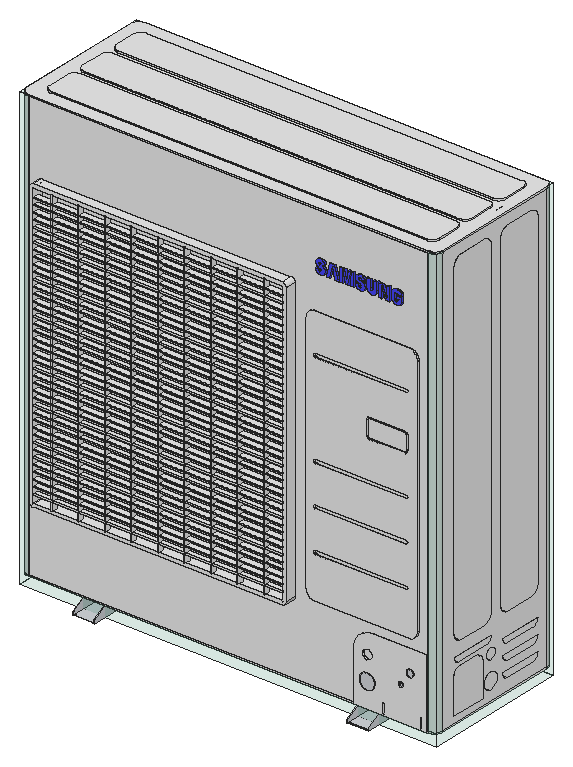
Revit family "EU_SINGLE_ODU_UB1_Ver.1.1", category Mechanical Equipment, Revit 2016 (continued)
Definition of nested family "Fan Grill_Square"
  Forms (mm)
    Extrusion 2, solid
      sketch origin (0, 0, 0) x (1, 0, 0) y (0, 1, 0)
        loop
          line (-289.939, 318.205) -> (-289.939, -318.205)
          arc (-289.939, -318.205) -> (-287.393, -324.352) -> (-281.246, -326.898) r 8.693
          line (-281.246, -326.898) -> (281.25, -326.898)
          arc (281.25, -326.898) -> (287.33, -324.418) -> (289.941, -318.393) r 8.693
          line (289.941, -318.393) -> (289.941, 318.393)
          arc (289.941, 318.393) -> (287.33, 324.418) -> (281.25, 326.898) r 8.693
          line (281.25, 326.898) -> (-281.246, 326.898)
          arc (-281.246, 326.898) -> (-287.393, 324.352) -> (-289.939, 318.205) r 8.693
        loop
          line (281.25, 319.498) -> (-281.246, 319.498)
          arc (-281.246, 319.498) -> (-282.16, 319.119) -> (-282.539, 318.205) r 1.294
          line (-282.539, 318.205) -> (-282.541, -318.205)
          arc (-282.541, -318.205) -> (-282.16, -319.119) -> (-281.245, -319.498) r 1.294
          line (-281.245, -319.498) -> (281.251, -319.498)
          arc (281.251, -319.498) -> (282.139, -319.144) -> (282.541, -318.277) r 1.294
          line (282.541, -318.277) -> (282.541, 318.277)
          arc (282.541, 318.277) -> (282.138, 319.145) -> (281.25, 319.498) r 1.294
      from 0 to 24
  Dimensions and locks
    locked: Extrusion 2 sketch curve to Extrusion 2 sketch curve at 7.4  (x4)
    equal spacing: plane 4, plane 3 "Center (Left/Right)", plane 5
    "Width": plane 4 to plane 5
    equal spacing: plane 6, plane 1 "Center (Front/Back)", plane 7
    "Height": plane 6 to plane 7
    "Depth": plane 8 to level
    nested 3 to plane 1 "Center (Front/Back)" to nested 2 = 15.00 mm locked, 15.00 mm locked
    equal spacing: group 1, group 2, group 5, group 6, group 7, group 8, group 9, group 10, group 11, group 12, group 13, group 14, group 15, group 16, group 17, group 18, group 19, group 20, group 21, group 22  (x3)
    equal spacing: group 3, group 4, group 23, group 24, group 25, group 26, group 27, group 28, group 29, group 30, group 31, group 32, group 33, group 34, group 35, group 36, group 37, group 38, group 39, group 40  (x2)
    equal spacing: group 40, group 39, group 38, group 37, group 36, group 35, group 34, group 33, group 32, group 31, group 30, group 29, group 28, group 27, group 26, group 25, group 24, group 23, group 4, group 3
    nested 43 to plane 3 "Center (Left/Right)" to nested 44 = 60.00 mm, 60.00 mm
    equal spacing: group 44, group 43, group 42, group 41
    equal spacing: group 41, group 42, group 43, group 44  (x2)
    equal spacing: group 45, group 46, group 47, group 48  (x3)
    aligned and locked: plane 2 to Extrusion 1
    aligned and locked: level to Extrusion 1
    aligned and locked: plane 7 to Extrusion 2 sketch curve
    aligned and locked: plane 5 to Extrusion 2 sketch curve
    aligned and locked: plane 6 to Extrusion 2 sketch curve
    aligned and locked: plane 4 to Extrusion 2 sketch curve
    aligned and locked: plane 8 to Extrusion 2
    aligned and locked: plane 8 to nested 1
    aligned and locked: plane 1 "Center (Front/Back)" to nested 1
    aligned and locked: plane 3 "Center (Left/Right)" to nested 3
    aligned and locked: plane 3 "Center (Left/Right)" to nested 1
    aligned and locked: plane 3 "Center (Left/Right)" to nested 2
    aligned and locked: plane 3 "Center (Left/Right)" to nested 4
    aligned and locked: nested 42 to plane 1 "Center (Front/Back)"
    aligned and locked: nested 43 to plane 1 "Center (Front/Back)"
    aligned and locked: nested 44 to plane 1 "Center (Front/Back)"
  Automatic sketch dimensions
    Extrusion 1 sketch curve to Extrusion 1 sketch curve = 2438.40 mm  (x2)
    Extrusion 2 sketch curve to Extrusion 2 sketch curve = 0.00 mm  (x14)
    Extrusion 2 sketch curve to Extrusion 2 sketch curve = 0.001 mm  (x2)
    Extrusion 2 sketch curve to plane 5 = 0.00 mm
    Extrusion 2 sketch curve to Extrusion 2 sketch curve = 1.296 mm
    Extrusion 2 sketch curve to Extrusion 2 sketch curve = 1.292 mm  (x2)
    plane 7 to Extrusion 2 sketch curve = 8.505 mm
    Extrusion 2 sketch curve to Extrusion 2 sketch curve = 1.294 mm  (x2)
    Extrusion 2 sketch curve to Extrusion 2 sketch curve = 0.003 mm
    Extrusion 2 sketch curve to Extrusion 2 sketch curve = 1.293 mm
  Nested families
    nested 1: "Grill_Straight" at (0, 0, 12), L <- "Grill Length_Width", type "Grill_Straight"
      with L 565.082 mm, D 12.00 mm
    nested 2: "Grill_Straight" at (0, 15, 12), L <- "Grill Length_Width", type "Grill_Straight"
      with L 565.082 mm, D 12.00 mm
    nested 3: "Grill_Straight" at (0, -15, 12), L <- "Grill Length_Width", type "Grill_Straight"
      with L 565.082 mm, D 12.00 mm
    nested 4: "Grill_Straight" at (0, 30, 12), L <- "Grill Length_Width", type "Grill_Straight"
      with L 565.082 mm, D 12.00 mm
    nested 5: "Grill_Straight" at (0, -30, 12), L <- "Grill Length_Width", type "Grill_Straight"
      with L 565.082 mm, D 12.00 mm
    nested 6: "Grill_Straight" at (0, 45, 12), L <- "Grill Length_Width", type "Grill_Straight"
      with L 565.082 mm, D 12.00 mm
    nested 7: "Grill_Straight" at (0, 60, 12), L <- "Grill Length_Width", type "Grill_Straight"
      with L 565.082 mm, D 12.00 mm
    nested 8: "Grill_Straight" at (0, 75, 12), L <- "Grill Length_Width", type "Grill_Straight"
      with L 565.082 mm, D 12.00 mm
    nested 9: "Grill_Straight" at (0, 90, 12), L <- "Grill Length_Width", type "Grill_Straight"
      with L 565.082 mm, D 12.00 mm
    nested 10: "Grill_Straight" at (0, 105, 12), L <- "Grill Length_Width", type "Grill_Straight"
      with L 565.082 mm, D 12.00 mm
    nested 11: "Grill_Straight" at (0, 120, 12), L <- "Grill Length_Width", type "Grill_Straight"
      with L 565.082 mm, D 12.00 mm
    nested 12: "Grill_Straight" at (0, 135, 12), L <- "Grill Length_Width", type "Grill_Straight"
      with L 565.082 mm, D 12.00 mm
    nested 13: "Grill_Straight" at (0, 150, 12), L <- "Grill Length_Width", type "Grill_Straight"
      with L 565.082 mm, D 12.00 mm
    nested 14: "Grill_Straight" at (0, 165, 12), L <- "Grill Length_Width", type "Grill_Straight"
      with L 565.082 mm, D 12.00 mm
    nested 15: "Grill_Straight" at (0, 180, 12), L <- "Grill Length_Width", type "Grill_Straight"
      with L 565.082 mm, D 12.00 mm
    nested 16: "Grill_Straight" at (0, 195, 12), L <- "Grill Length_Width", type "Grill_Straight"
      with L 565.082 mm, D 12.00 mm
    nested 17: "Grill_Straight" at (0, 210, 12), L <- "Grill Length_Width", type "Grill_Straight"
      with L 565.082 mm, D 12.00 mm
    nested 18: "Grill_Straight" at (0, 225, 12), L <- "Grill Length_Width", type "Grill_Straight"
      with L 565.082 mm, D 12.00 mm
    nested 19: "Grill_Straight" at (0, 240, 12), L <- "Grill Length_Width", type "Grill_Straight"
      with L 565.082 mm, D 12.00 mm
    nested 20: "Grill_Straight" at (0, 255, 12), L <- "Grill Length_Width", type "Grill_Straight"
      with L 565.082 mm, D 12.00 mm
    nested 21: "Grill_Straight" at (0, 270, 12), L <- "Grill Length_Width", type "Grill_Straight"
      with L 565.082 mm, D 12.00 mm
    nested 22: "Grill_Straight" at (0, 285, 12), L <- "Grill Length_Width", type "Grill_Straight"
      with L 565.082 mm, D 12.00 mm
    nested 23: "Grill_Straight" at (0, 300, 12), L <- "Grill Length_Width", type "Grill_Straight"
      with L 565.082 mm, D 12.00 mm
    nested 24: "Grill_Straight" at (0, -45, 12), L <- "Grill Length_Width", type "Grill_Straight"
      with L 565.082 mm, D 12.00 mm
    nested 25: "Grill_Straight" at (0, -60, 12), L <- "Grill Length_Width", type "Grill_Straight"
      with L 565.082 mm, D 12.00 mm
    nested 26: "Grill_Straight" at (0, -75, 12), L <- "Grill Length_Width", type "Grill_Straight"
      with L 565.082 mm, D 12.00 mm
    nested 27: "Grill_Straight" at (0, -90, 12), L <- "Grill Length_Width", type "Grill_Straight"
      with L 565.082 mm, D 12.00 mm
    nested 28: "Grill_Straight" at (0, -105, 12), L <- "Grill Length_Width", type "Grill_Straight"
      with L 565.082 mm, D 12.00 mm
    nested 29: "Grill_Straight" at (0, -120, 12), L <- "Grill Length_Width", type "Grill_Straight"
      with L 565.082 mm, D 12.00 mm
    nested 30: "Grill_Straight" at (0, -135, 12), L <- "Grill Length_Width", type "Grill_Straight"
      with L 565.082 mm, D 12.00 mm
    nested 31: "Grill_Straight" at (0, -150, 12), L <- "Grill Length_Width", type "Grill_Straight"
      with L 565.082 mm, D 12.00 mm
    nested 32: "Grill_Straight" at (0, -165, 12), L <- "Grill Length_Width", type "Grill_Straight"
      with L 565.082 mm, D 12.00 mm
    nested 33: "Grill_Straight" at (0, -180, 12), L <- "Grill Length_Width", type "Grill_Straight"
      with L 565.082 mm, D 12.00 mm
    nested 34: "Grill_Straight" at (0, -195, 12), L <- "Grill Length_Width", type "Grill_Straight"
      with L 565.082 mm, D 12.00 mm
    nested 35: "Grill_Straight" at (0, -210, 12), L <- "Grill Length_Width", type "Grill_Straight"
      with L 565.082 mm, D 12.00 mm
    nested 36: "Grill_Straight" at (0, -225, 12), L <- "Grill Length_Width", type "Grill_Straight"
      with L 565.082 mm, D 12.00 mm
    nested 37: "Grill_Straight" at (0, -240, 12), L <- "Grill Length_Width", type "Grill_Straight"
      with L 565.082 mm, D 12.00 mm
    nested 38: "Grill_Straight" at (0, -255, 12), L <- "Grill Length_Width", type "Grill_Straight"
      with L 565.082 mm, D 12.00 mm
    nested 39: "Grill_Straight" at (0, -270, 12), L <- "Grill Length_Width", type "Grill_Straight"
      with L 565.082 mm, D 12.00 mm
    nested 40: "Grill_Straight" at (0, -285, 12), L <- "Grill Length_Width", type "Grill_Straight"
      with L 565.082 mm, D 12.00 mm
    nested 41: "Grill_Straight" at (0, -300, 12), L <- "Grill Length_Width", type "Grill_Straight"
      with L 565.082 mm, D 12.00 mm
    nested 42: "Grill_Straight" at (0, 0, 12) x (0, 1, 0) z (0, 0, 1), L <- "Grill Length_Height", type "Grill_Straight"
      with L 638.996 mm, D 12.00 mm
    nested 43: "Grill_Straight" at (-60, 0, 12) x (0, 1, 0) z (0, 0, 1), L <- "Grill Length_Height", type "Grill_Straight"
      with L 638.996 mm, D 12.00 mm
    nested 44: "Grill_Straight" at (60, 0, 12) x (0, 1, 0) z (0, 0, 1), L <- "Grill Length_Height", type "Grill_Straight"
      with L 638.996 mm, D 12.00 mm
    nested 45: "Grill_Straight" at (-120, 0, 12) x (0, 1, 0) z (0, 0, 1), L <- "Grill Length_Height", type "Grill_Straight"
      with L 638.996 mm, D 12.00 mm
    nested 46: "Grill_Straight" at (-180, 0, 12) x (0, 1, 0) z (0, 0, 1), L <- "Grill Length_Height", type "Grill_Straight"
      with L 638.996 mm, D 12.00 mm
    nested 47: "Grill_Straight" at (-240, 0, 12) x (0, 1, 0) z (0, 0, 1), L <- "Grill Length_Height", type "Grill_Straight"
      with L 638.996 mm, D 12.00 mm
    nested 48: "Grill_Straight" at (120, 0, 12) x (0, 1, 0) z (0, 0, 1), L <- "Grill Length_Height", type "Grill_Straight"
      with L 638.996 mm, D 12.00 mm
    nested 49: "Grill_Straight" at (180, 0, 12) x (0, 1, 0) z (0, 0, 1), L <- "Grill Length_Height", type "Grill_Straight"
      with L 638.996 mm, D 12.00 mm
    nested 50: "Grill_Straight" at (240, 0, 12) x (0, 1, 0) z (0, 0, 1), L <- "Grill Length_Height", type "Grill_Straight"
      with L 638.996 mm, D 12.00 mm
  Definition of nested family "Grill_Straight"
    Parameters
      T = 2.454 mm
      L [instance] = 572.568 mm
      D [instance] = 12.00 mm
    Reference planes
      plane 1 "Center (Front/Back)": y = 0
      plane 2: z = 0
      plane 3 "Center (Left/Right)": x = 0
      plane 4: x = -286.284
      plane 5: x = 286.284
      plane 6: z = 12
    Forms (mm)
      Extrusion 1, solid
        sketch origin (0, 0, 0) x (1, 0, 0) y (0, 1, 0)
          loop
            line (286.284, -1.227) -> (286.284, 1.227) -> (-286.284, 1.227) -> (-286.284, -1.227) -> (286.284, -1.227)
        from 12 <- "D" to 0
    Dimensions and locks
      equal spacing: plane 4, plane 3 "Center (Left/Right)", plane 5
      "L": plane 4 to plane 5
      "D": plane 6 to level
      equal spacing: Extrusion 1 sketch curve, plane 1 "Center (Front/Back)", Extrusion 1 sketch curve
      "T": Extrusion 1 sketch curve to Extrusion 1 sketch curve
      aligned and locked: level to plane 2
      aligned and locked: plane 5 to Extrusion 1 sketch curve
      aligned and locked: plane 4 to Extrusion 1 sketch curve
      aligned and locked: Extrusion 1 to level
      aligned and locked: plane 6 to Extrusion 1
      aligned and locked: Extrusion 1 to plane 6
      aligned and locked: level to Extrusion 1
Definition of nested family "Include Clearance"
  Parameters (values of type "Include Clearance")
    Width = 826.00 mm
    URL = ""
    Manufacturer = ""
    Height = 261.00 mm
    Equipment Finish [instance] = none
    Depth = 261.00 mm
    Copyright © = ""
    Clearance Offset Top = 0.00 mm
    Clearance Offset Right = 0.00 mm
    Clearance Offset Left = 0.00 mm
    Clearance Offset Front = 0.00 mm
    Clearance Offset Bottom = 0.00 mm
    Clearance Offset Back = 0.00 mm
    Assembly Code = ""
  Reference planes
    plane 1 "Center (Front/Back)": y = 0
    plane 2 "Bottom": z = 0
    plane 3 "Center (Left/Right)": x = 0
    plane 4 "Left": x = -413
    plane 5 "Back": y = 130.5
    plane 6 "Right": x = 413
    plane 7 "Front": y = -130.5
    plane 8 "Top": z = 261
    plane 9 "Clearance Offset Right": x = 413
    plane 10 "Clearance Offset Left": x = -413
    plane 11 "Clearance Offset Back": y = 130.5
    plane 12 "Clearance Offset Front": y = -130.5
    plane 13 "Clearance Offset Top": z = 261
    plane 14: z = 0
  Forms (mm)
    Extrusion 1, solid
      sketch origin (0, 0, 0) x (1, 0, 0) y (0, 1, 0)
        loop
          line (-413, 130.5) -> (-413, -130.5) -> (413, -130.5) -> (413, 130.5) -> (-413, 130.5)
      from 0 to 261
  Lines and regions (mm)
    symbolic lines
      curve 1: line (-413, 0, 261) -> (413, 0, 261)
      curve 2: line (-413, 0, 0) -> (-413, 0, 261)
      curve 3: line (413, 0, 0) -> (-413, 0, 0)
      curve 4: line (413, 0, 261) -> (413, 0, 0)
      curve 5: line (0, 130.5, 261) -> (0, -130.5, 261)
      curve 6: line (0, 130.5, 0) -> (0, 130.5, 261)
      curve 7: line (0, -130.5, 0) -> (0, 130.5, 0)
      curve 8: line (0, -130.5, 261) -> (0, -130.5, 0)
      curve 9: line (-413, 130.5, 0) -> (413, 130.5, 0)
      curve 10: line (-413, -130.5, 0) -> (-413, 130.5, 0)
      curve 11: line (413, -130.5, 0) -> (-413, -130.5, 0)
      curve 12: line (413, 130.5, 0) -> (413, -130.5, 0)
  Text (mm)
    text "Copyright © Daikin Industries, Ltd. 2008" at (0.011, 0.009, 0), in view "Ref. Level"
  Dimensions and locks
    equal spacing: plane 4 "Left", plane 3 "Center (Left/Right)", plane 6 "Right"
    "Width": plane 4 "Left" to plane 6 "Right"
    equal spacing: plane 5 "Back", plane 1 "Center (Front/Back)", plane 7 "Front"
    "Depth": plane 5 "Back" to plane 7 "Front"
    "Height": plane 8 "Top" to plane 2 "Bottom"
    "Clearance Offset Front": plane 12 "Clearance Offset Front" to plane 7 "Front"
    "Clearance Offset Back": plane 11 "Clearance Offset Back" to plane 5 "Back"
    "Clearance Offset Left": plane 10 "Clearance Offset Left" to plane 4 "Left"
    "Clearance Offset Right": plane 6 "Right" to plane 9 "Clearance Offset Right"
    "Clearance Offset Top": plane 13 "Clearance Offset Top" to plane 8 "Top"
    curve 3 to plane 14 = 0.00 mm
    "Clearance Offset Bottom": plane 2 "Bottom" to plane 14
    aligned and locked: plane 2 "Bottom" to level
    aligned and locked: plane 9 "Clearance Offset Right" to Extrusion 1 sketch curve
    aligned and locked: Extrusion 1 sketch curve to plane 11 "Clearance Offset Back"
    aligned and locked: plane 10 "Clearance Offset Left" to Extrusion 1 sketch curve
    aligned and locked: Extrusion 1 sketch curve to plane 12 "Clearance Offset Front"
    aligned and locked: curve 9 to Extrusion 1  (x2)
    aligned and locked: Extrusion 1 to curve 12
    aligned and locked: curve 12 to Extrusion 1
    aligned and locked: plane 13 "Clearance Offset Top" to Extrusion 1
    aligned and locked: Extrusion 1 to plane 14
    aligned and locked: Extrusion 1 to plane 10 "Clearance Offset Left"
    aligned and locked: Extrusion 1 to plane 9 "Clearance Offset Right"  (x2)
    aligned and locked: Extrusion 1 to plane 13 "Clearance Offset Top"  (x2)
    aligned and locked: plane 14 to Extrusion 1  (x2)
    aligned and locked: curve 1 to plane 13 "Clearance Offset Top"
    aligned and locked: plane 9 "Clearance Offset Right" to curve 4
    aligned and locked: plane 10 "Clearance Offset Left" to curve 2
    aligned and locked: plane 14 to curve 3
    aligned and locked: plane 10 "Clearance Offset Left" to Extrusion 1  (x2)
    aligned and locked: curve 8 to plane 12 "Clearance Offset Front"
    aligned and locked: curve 5 to plane 13 "Clearance Offset Top"
    aligned and locked: curve 6 to plane 11 "Clearance Offset Back"
    aligned and locked: plane 14 to curve 7
Definition of nested family "Do not Include Clearance"
  Parameters (values of type "Do not Include Clearance")
    Width = 826.00 mm
    URL = ""
    Manufacturer = ""
    Height = 261.00 mm
    Equipment Finish [instance] = none
    Depth = 261.00 mm
    Copyright © = ""
    Clearance Offset Top = 0.00 mm
    Clearance Offset Right = 0.00 mm
    Clearance Offset Left = 0.00 mm
    Clearance Offset Front = 0.00 mm
    Clearance Offset Bottom = 0.00 mm
    Clearance Offset Back = 0.00 mm
    Assembly Code = ""
  Reference planes
    plane 1 "Center (Front/Back)": y = 0
    plane 2 "Bottom": z = 0
    plane 3 "Center (Left/Right)": x = 0
    plane 4 "Left": x = -413
    plane 5 "Back": y = 130.5
    plane 6 "Right": x = 413
    plane 7 "Front": y = -130.5
    plane 8 "Top": z = 261
    plane 9 "Clearance Offset Right": x = 413
    plane 10 "Clearance Offset Left": x = -413
    plane 11 "Clearance Offset Back": y = 130.5
    plane 12 "Clearance Offset Front": y = -130.5
    plane 13 "Clearance Offset Top": z = 261
    plane 14: z = 0
  Lines and regions (mm)
    symbolic lines
      curve 1: line (-413, 0, 261) -> (413, 0, 261)
      curve 2: line (-413, 0, 0) -> (-413, 0, 261)
      curve 3: line (413, 0, 0) -> (-413, 0, 0)
      curve 4: line (413, 0, 261) -> (413, 0, 0)
      curve 5: line (0, 130.5, 261) -> (0, -130.5, 261)
      curve 6: line (0, 130.5, 0) -> (0, 130.5, 261)
      curve 7: line (0, -130.5, 0) -> (0, 130.5, 0)
      curve 8: line (0, -130.5, 261) -> (0, -130.5, 0)
      curve 9: line (-413, 130.5, 0) -> (413, 130.5, 0)
      curve 10: line (-413, -130.5, 0) -> (-413, 130.5, 0)
      curve 11: line (413, -130.5, 0) -> (-413, -130.5, 0)
      curve 12: line (413, 130.5, 0) -> (413, -130.5, 0)
  Text (mm)
    text "Copyright © Daikin Industries, Ltd. 2008" at (0.011, 0.009, 0), in view "Ref. Level"
  Dimensions and locks
    equal spacing: plane 4 "Left", plane 3 "Center (Left/Right)", plane 6 "Right"
    "Width": plane 4 "Left" to plane 6 "Right"
    equal spacing: plane 5 "Back", plane 1 "Center (Front/Back)", plane 7 "Front"
    "Depth": plane 5 "Back" to plane 7 "Front"
    "Height": plane 8 "Top" to plane 2 "Bottom"
    "Clearance Offset Front": plane 12 "Clearance Offset Front" to plane 7 "Front"
    "Clearance Offset Back": plane 11 "Clearance Offset Back" to plane 5 "Back"
    "Clearance Offset Left": plane 10 "Clearance Offset Left" to plane 4 "Left"
    "Clearance Offset Right": plane 6 "Right" to plane 9 "Clearance Offset Right"
    "Clearance Offset Top": plane 13 "Clearance Offset Top" to plane 8 "Top"
    curve 3 to plane 14 = 0.00 mm
    "Clearance Offset Bottom": plane 2 "Bottom" to plane 14
    aligned and locked: plane 2 "Bottom" to level
    aligned and locked: curve 1 to plane 13 "Clearance Offset Top"
    aligned and locked: plane 9 "Clearance Offset Right" to curve 4
    aligned and locked: plane 10 "Clearance Offset Left" to curve 2
    aligned and locked: plane 14 to curve 3
    aligned and locked: curve 8 to plane 12 "Clearance Offset Front"
    aligned and locked: curve 5 to plane 13 "Clearance Offset Top"
    aligned and locked: curve 6 to plane 11 "Clearance Offset Back"
    aligned and locked: plane 14 to curve 7
  Automatic sketch dimensions
    plane 7 "Front" to curve 11 = 0.00 mm
    curve 11 to plane 10 "Clearance Offset Left" = 0.00 mm
    curve 11 to plane 9 "Clearance Offset Right" = 0.00 mm
    curve 10 to plane 5 "Back" = 0.00 mm
Types (27, lengths in mm): name | Voltage | Total Heating Capacity | Total Cooling Capacity | Sound Pressure(Cooling) | Sound Power(Cooling) | Simultaneous Cooling and Heating Efficiency(SCOP) | Refrigerant Type | Refrigerant Charge | Product Name | Power Input Heationg | Power Input Cooling | Phase | Operating Mode | Net Weight | Model/Referance Indoor Unit | Model | Minimum Circuit Ampere(MCA) | Maximum Vertical Refrigerant Pipe Length Below Unit | Maximum Vertical Refrigerant Pipe Length Above Unit | Maximum Over Protection(MFA) | Integrated Energy Efficiency Ratio(SEER) | Frequency | Equipment Finish | Energy Efficiency Rating | Discharge Air Flow | Current Input Heating | Current Input Cooling | Coefficient of Performance
  (no name) | "220 V" | 10.8 kW | 9.5 kW | "52.00 dB(A)" | "69.00 dB(A)" | "4.0 SCOP" | "R57" | 2.70 kg | "Single" | 3.62 kW | 3.62 kW | 1 | "Heat Pump" | 72.00 kg | "AC100RNTDKG/EU" | "AC100RXADNG/EU" | 17.7 A | 30.00 | 30.00 | 17.7 A | "5.9 SEER" | "50 Hz" | Earth brown | "2.62 EER" | "72.00 CMM" | 5.7 A | 5.7 A | "2.98 COP"
  9.00 kW, 380-415V, HEAT PUMP | "380-415 V" | 0 kW | 9 kW | "52.00 dB(A)" | "68.00 dB(A)" | "0.00 SCOP" | "R410A" | 3.00 kg | "SINGLE OUTDOOR UB1" | 0 kW | 0 kW | 3 | "HEAT PUMP" | 72.00 kg | "" | "AC090MXADNH/EU" | 0 A | 0.00 | 0.00 | 0 A | "0.00 SEER" | "50/60 Hz" | Ivory | "0.00 EER" | "78.00 CMM" | 0 A | 0 A | "0.00 COP"
  10.00 kW, 380-415V, HEAT PUMP | "380-415 V" | 0 kW | 10 kW | "52.00 dB(A)" | "69.00 dB(A)" | "0.00 SCOP" | "R410A" | 3.00 kg | "SINGLE OUTDOOR UB1" | 0 kW | 0 kW | 3 | "HEAT PUMP" | 72.00 kg | "" | "AC100MXADNH/EU" | 0 A | 0.00 | 0.00 | 0 A | "0.00 SEER" | "50/60 Hz" | Ivory | "0.00 EER" | "78.00 CMM" | 0 A | 0 A | "0.00 COP"
  12.00 kW, 380-415V, HEAT PUMP | "380-415 V" | 0 kW | 12 kW | "54.00 dB(A)" | "70.00 dB(A)" | "0.00 SCOP" | "R410A" | 3.00 kg | "SINGLE OUTDOOR UB1" | 0 kW | 0 kW | 3 | "HEAT PUMP" | 77.00 kg | "" | "AC120MXADNH/EU" | 0 A | 0.00 | 0.00 | 0 A | "0.00 SEER" | "50/60 Hz" | Ivory | "0.00 EER" | "78.00 CMM" | 0 A | 0 A | "0.00 COP"
  10.00 kW, 220-240V, HEAT PUMP - A | "220-240 V" | 0 kW | 10 kW | "53.00 dB(A)" | "0.00 dB(A)" | "0.00 SCOP" | "R410A" | 3.00 kg | "SINGLE OUTDOOR UB1" | 0 kW | 0 kW | 1 | "HEAT PUMP" | 72.00 kg | "" | "AC100KXADEH/EU" | 0 A | 0.00 | 0.00 | 0 A | "0.00 SEER" | "50 Hz" | Ivory | "0.00 EER" | "76.00 CMM" | 0 A | 0 A | "0.00 COP"
  9.00 kW, 220-240V, HEAT PUMP | "220-240 V" | 0 kW | 9 kW | "52.00 dB(A)" | "68.00 dB(A)" | "0.00 SCOP" | "R410A" | 3.00 kg | "SINGLE OUTDOOR UB1" | 0 kW | 0 kW | 1 | "HEAT PUMP" | 72.00 kg | "" | "AC090MXADKH/EU" | 0 A | 0.00 | 0.00 | 0 A | "0.00 SEER" | "50 Hz" | Ivory | "0.00 EER" | "78.00 CMM" | 0 A | 0 A | "0.00 COP"
  10.00 kW, 220-240V, HEAT PUMP - B | "220-240 V" | 0 kW | 10 kW | "52.00 dB(A)" | "69.00 dB(A)" | "0.00 SCOP" | "R410A" | 3.00 kg | "SINGLE OUTDOOR UB1" | 0 kW | 0 kW | 1 | "HEAT PUMP" | 72.00 kg | "" | "AC100MXADKH/EU" | 0 A | 0.00 | 0.00 | 0 A | "0.00 SEER" | "50 Hz" | Ivory | "0.00 EER" | "78.00 CMM" | 0 A | 0 A | "0.00 COP"
  12.00 kW, 220-240V, HEAT PUMP(구모델) | "220-240 V" | 0 kW | 12 kW | "54.00 dB(A)" | "70.00 dB(A)" | "0.00 SCOP" | "R410A" | 3.00 kg | "SINGLE OUTDOOR UB1" | 0 kW | 0 kW | 1 | "HEAT PUMP" | 77.00 kg | "" | "AC120MXADKH/EU" | 0 A | 0.00 | 0.00 | 0 A | "0.00 SEER" | "50 Hz" | Ivory | "0.00 EER" | "78.00 CMM" | 0 A | 0 A | "0.00 COP"
  12.00 kW, 220-240V, HEAT PUMP(신모델) | "220-240 V" | 13 kW | 12 kW | "54.00 dB(A)" | "56.00 dB(A)" | "0.00 SCOP" | "R410A" | 3.00 kg | "SINGLE UB1" | 3.75 kW | 4.4 kW | 1 | "HEAT PUMP" | 77.00 kg | "" | "AC120MXADKH/EU" | 27.5 A | 30.00 | 30.00 | 30 A | "0.00 SEER" | "50 Hz" | Ivory | "2.73 EER" | "78.00 CMM" | 19.5 A | 16.6 A | "3.47 COP"
  Single Heat Pump, 10.0kW, 220-240, R32, AC100RN4DKG/EU | "220 V" | 11.2 kW | 10 kW | "52.00 dB(A)" | "69.00 dB(A)" | "4.3 SCOP" | "R32" | 2.70 kg | "Single" | 3.1 kW | 3.42 kW | 1 | "Heat Pump" | 72.00 kg | "AC100RN4DKG/EU" | "AC100RXADKG/EU" | 25 A | 30.00 | 30.00 | 30 A | "7.0 SEER" | "50 Hz" | Earth brown | "2.92 EER" | "72.00 CMM" | 13.6 A | 15.2 A | "3.61 COP"
  Single Heat Pump, 10.0kW, 380-415, R32, AC100RN4DKG/EU | "220 V" | 11.2 kW | 10 kW | "52.00 dB(A)" | "69.00 dB(A)" | "4.3 SCOP" | "R33" | 2.70 kg | "Single" | 3.03 kW | 3.32 kW | 1 | "Heat Pump" | 72.00 kg | "AC100RN4DKG/EU" | "AC100RXADNG/EU" | 17.1 A | 30.00 | 30.00 | 17.1 A | "7.0 SEER" | "50 Hz" | Earth brown | "3.01 EER" | "72.00 CMM" | 5.1 A | 5.5 A | "3.69 COP"
  Single Heat Pump, 12.0kW, 220-240, R32, AC120RN4DKG/EU | "220 V" | 13.2 kW | 12 kW | "54.00 dB(A)" | "70.00 dB(A)" | "4.0 SCOP" | "R34" | 2.70 kg | "Single" | 4.15 kW | 4.6 kW | 1 | "Heat Pump" | 77.00 kg | "AC120RN4DKG/EU" | "AC120RXADKG/EU" | 25 A | 30.00 | 30.00 | 30 A | "6.0 SEER" | "50 Hz" | Earth brown | "2.6 EER" | "72.00 CMM" | 18.2 A | 20.1 A | "3.18 COP"
  Single Heat Pump, 12.0kW, 380-415, R32, AC120RN4DKG/EU | "220 V" | 13.2 kW | 12 kW | "54.00 dB(A)" | "70.00 dB(A)" | "4.0 SCOP" | "R35" | 2.70 kg | "Single" | 4.05 kW | 4.45 kW | 1 | "Heat Pump" | 77.00 kg | "AC120RN4DKG/EU" | "AC120RXADNG/EU" | 17.1 A | 30.00 | 30.00 | 17.1 A | "6.0 SEER" | "50 Hz" | Earth brown | "2.69 EER" | "72.00 CMM" | 6.3 A | 6.8 A | "3.26 COP"
  Single Heat Pump, 10.0kW, 220-240, R32, AC100RN4PKG/EU | "220 V" | 11.2 kW | 10 kW | "52.00 dB(A)" | "69.00 dB(A)" | "4.3 SCOP" | "R38" | 2.70 kg | "Single" | 3.2 kW | 3.24 kW | 1 | "Heat Pump" | 72.00 kg | "AC100RN4PKG/EU" | "AC100RXADKG/EU" | 25.5 A | 30.00 | 30.00 | 30 A | "6.8 SEER" | "50 Hz" | Earth brown | "3.08 EER" | "72.00 CMM" | 14.2 A | 14.4 A | "3.5 COP"
  Single Heat Pump, 10.0kW, 380-415, R32, AC100RN4PKG/EU | "220 V" | 11.2 kW | 10 kW | "52.00 dB(A)" | "69.00 dB(A)" | "4.3 SCOP" | "R39" | 2.70 kg | "Single" | 3.15 kW | 3.24 kW | 1 | "Heat Pump" | 72.00 kg | "AC100RN4PKG/EU" | "AC100RXADNG/EU" | 17.6 A | 30.00 | 30.00 | 17.6 A | "6.8 SEER" | "50 Hz" | Earth brown | "3.12 EER" | "72.00 CMM" | 5 A | 5.1 A | "3.55 COP"
  Single Heat Pump, 12.0kW, 220-240, R32, AC120RN4PKG/EU | "220 V" | 11.2 kW | 10 kW | "54.00 dB(A)" | "70.00 dB(A)" | "4.0 SCOP" | "R40" | 2.70 kg | "Single" | 4.05 kW | 4.45 kW | 1 | "Heat Pump" | 77.00 kg | "AC120RN4PKG/EU" | "AC120RXADKG/EU" | 25.5 A | 30.00 | 30.00 | 30 A | "6.0 SEER" | "50 Hz" | Earth brown | "2.69 EER" | "72.00 CMM" | 17.7 A | 19.5 A | "3.26 COP"
  Single Heat Pump, 12.0kW, 380-415, R32, AC120RN4PKG/EU | "220 V" | 13.2 kW | 12 kW | "54.00 dB(A)" | "70.00 dB(A)" | "4.0 SCOP" | "R41" | 2.70 kg | "Single" | 4.05 kW | 4.45 kW | 1 | "Heat Pump" | 77.00 kg | "AC120RN4PKG/EU" | "AC120RXADNG/EU" | 17.6 A | 30.00 | 30.00 | 17.6 A | "6.0 SEER" | "50 Hz" | Earth brown | "2.69 EER" | "72.00 CMM" | 6.3 A | 6.9 A | "3.26 COP"
  Single Heat Pump, 10.0kW, 220-240, R32, AC100RNMDKG/EU | "220 V" | 11.2 kW | 10.2 kW | "52.00 dB(A)" | "69.00 dB(A)" | "4.0 SCOP" | "R44" | 2.70 kg | "Single" | 3.5 kW | 3.44 kW | 1 | "Heat Pump" | 72.00 kg | "AC100RNMDKG/EU" | "AC100RXADKG/EU" | 26.5 A | 30.00 | 30.00 | 30 A | "5.9 SEER" | "50 Hz" | Earth brown | "2.9 EER" | "72.00 CMM" | 15.4 A | 15.2 A | "3.2 COP"
  Single Heat Pump, 10.0kW, 380-415, R32, AC100RNMDKG/EU | "220 V" | 11.2 kW | 10.2 kW | "52.00 dB(A)" | "69.00 dB(A)" | "4.0 SCOP" | "R45" | 2.70 kg | "Single" | 3.42 kW | 3.42 kW | 1 | "Heat Pump" | 72.00 kg | "AC100RNMDKG/EU" | "AC100RXADNG/EU" | 18.6 A | 30.00 | 30.00 | 18.6 A | "5.9 SEER" | "50 Hz" | Earth brown | "2.92 EER" | "72.00 CMM" | 5.3 A | 5.3 A | "3.27 COP"
  Single Heat Pump, 12.0kW, 220-240, R32, AC120RNMDKG/EU | "220 V" | 13.2 kW | 12 kW | "54.00 dB(A)" | "70.00 dB(A)" | "4.0 SCOP" | "R46" | 2.70 kg | "Single" | 3.86 kW | 4.5 kW | 1 | "Heat Pump" | 77.00 kg | "AC120RNMDKG/EU" | "AC120RXADKG/EU" | 26.5 A | 30.00 | 30.00 | 30 A | "5.8 SEER" | "50 Hz" | Earth brown | "2.66 EER" | "72.00 CMM" | 17.1 A | 19.7 A | "3.42 COP"
  Single Heat Pump, 12.0kW, 380-415, R32, AC120RNMDKG/EU | "220 V" | 13.2 kW | 12 kW | "54.00 dB(A)" | "70.00 dB(A)" | "4.0 SCOP" | "R47" | 2.70 kg | "Single" | 3.79 kW | 4.48 kW | 1 | "Heat Pump" | 77.00 kg | "AC120RNMDKG/EU" | "AC120RXADNG/EU" | 18.6 A | 30.00 | 30.00 | 18.6 A | "5.8 SEER" | "50 Hz" | Earth brown | "2.67 EER" | "72.00 CMM" | 5.9 A | 6.9 A | "3.48 COP"
  Single Heat Pump, 10.0kW, 220-240, R32, AC100RNCDKG/EU | "220 V" | 11.2 kW | 10 kW | "52.00 dB(A)" | "69.00 dB(A)" | "4.0 SCOP" | "R50" | 2.70 kg | "Single" | 3.25 kW | 3.28 kW | 1 | "Heat Pump" | 72.00 kg | "AC100RNCDKG/EU" | "AC100RXADKG/EU" | 26.5 A | 30.00 | 30.00 | 30 A | "6.1 SEER" | "50 Hz" | Earth brown | "3.05 EER" | "72.00 CMM" | 14.2 A | 14.6 A | "3.44 COP"
  Single Heat Pump, 10.0kW, 380-415, R32, AC100RNCDKG/EU | "220 V" | 11.2 kW | 10 kW | "52.00 dB(A)" | "69.00 dB(A)" | "4.0 SCOP" | "R51" | 2.70 kg | "Single" | 3.2 kW | 3.15 kW | 1 | "Heat Pump" | 72.00 kg | "AC100RNCDKG/EU" | "AC100RXADNG/EU" | 18.6 A | 30.00 | 30.00 | 18.6 A | "6.1 SEER" | "50 Hz" | Earth brown | "3.17 EER" | "72.00 CMM" | 5.1 A | 5 A | "3.5 COP"
  Single Heat Pump, 12.0kW, 220-240, R32, AC120RNCDKG/EU | "220 V" | 13.2 kW | 12 kW | "54.00 dB(A)" | "70.00 dB(A)" | "4.0 SCOP" | "R52" | 2.70 kg | "Single" | 3.83 kW | 4.35 kW | 1 | "Heat Pump" | 77.00 kg | "AC120RNCDKG/EU" | "AC120RXADKG/EU" | 26.5 A | 30.00 | 30.00 | 30 A | "5.9 SEER" | "50 Hz" | Earth brown | "2.76 EER" | "72.00 CMM" | 17 A | 19.1 A | "3.44 COP"
  Single Heat Pump, 12.0kW, 380-415, R32, AC120RNCDKG/EU | "220 V" | 13.2 kW | 12 kW | "54.00 dB(A)" | "70.00 dB(A)" | "4.0 SCOP" | "R53" | 2.70 kg | "Single" | 3.8 kW | 4.15 kW | 1 | "Heat Pump" | 77.00 kg | "AC120RNCDKG/EU" | "AC120RXADNG/EU" | 18.6 A | 30.00 | 30.00 | 18.6 A | "5.9 SEER" | "50 Hz" | Earth brown | "2.89 EER" | "72.00 CMM" | 6.2 A | 6.6 A | "3.47 COP"
  Single Heat Pump, 10.0kW, 220-240, R32, AC100RNTDKG/EU | "220 V" | 10.8 kW | 9.5 kW | "52.00 dB(A)" | "69.00 dB(A)" | "4.0 SCOP" | "R56" | 2.70 kg | "Single" | 3.82 kW | 3.75 kW | 1 | "Heat Pump" | 72.00 kg | "AC100RNTDKG/EU" | "AC100RXADKG/EU" | 25.6 A | 30.00 | 30.00 | 30 A | "5.9 SEER" | "50 Hz" | Earth brown | "2.53 EER" | "72.00 CMM" | 16.7 A | 16.3 A | "2.82 COP"
  Single Heat Pump, 10.0kW, 380-415, R32, AC100RNTDKG/EU | "220 V" | 10.8 kW | 9.5 kW | "52.00 dB(A)" | "69.00 dB(A)" | "4.0 SCOP" | "R57" | 2.70 kg | "Single" | 3.62 kW | 3.62 kW | 1 | "Heat Pump" | 72.00 kg | "AC100RNTDKG/EU" | "AC100RXADNG/EU" | 17.7 A | 30.00 | 30.00 | 17.7 A | "5.9 SEER" | "50 Hz" | Earth brown | "2.62 EER" | "72.00 CMM" | 5.7 A | 5.7 A | "2.98 COP"
